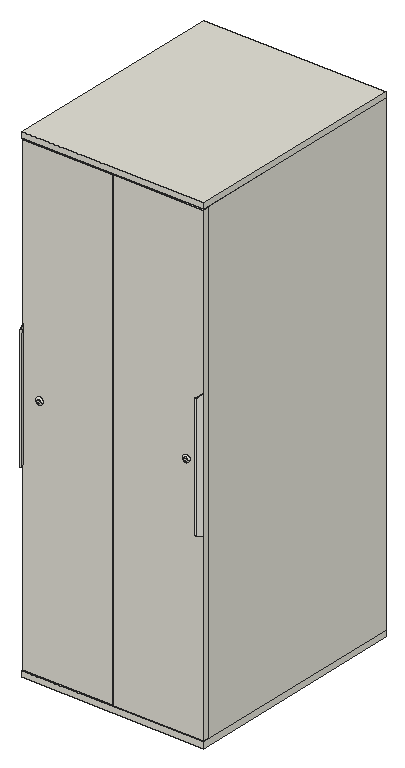
Revit family "Haworth_BeHold_Wardrobe", category Furniture Systems, Revit 2018
Family settings
  Round Connector Dimension = Use Diameter
  Part Type = Normal
  OmniClass Number = 23.40.70.14.64.21
  OmniClass Title = Systems Furniture
  Work Plane-Based = No
  Always vertical = Yes
  Cut with Voids When Loaded = No
  Shared = No
  Room Calculation Point = No
Parameters (values of type "Double Doors - 24w 30d 65h - Inset Back")
  With Lock = yes
  Wing Pull = yes
  Wing Door Pull Length = if(Actual Height < 49", 6 1/2", if(Actual Height < 57", 8 5/16", if(Actual Height < 65", 13 1/8", 16 3/4")))  # 16 3/4"
  Width = 24"
  Warranty = "http://www.haworth.com/resources/product-info/warranties"
  URL - Product = "https://www.haworth.com/na/en/products/active-storage/be-hold.html"
  URL = "www.haworth.com"
  Trim Finish = Haworth _ Paint _ Smooth Plaster
  Top Thickness = 3/4"  # constant formula
  Top Case Back Control = if(Proud Style, 0", 3/16")  # 3/16"
  Three High = no
  Sustainability Info = "https://www.haworth.com/company-info/sustainability"
  Standard Single Door Widths = "12, 15, 18 in."  # constant formula
  Standard Heights = "41, 49, 57, 65 in."  # constant formula
  Standard Double Doors Widths = "24 in."  # constant formula
  Size = "Verify Final Dim. w/ Haworth"  # constant formula
  Six High = not(or(Three High, Four High, Five High))  # yes
  Single Door = no
  Side Case Back Control = if(Proud Style, Case Thickness, 0")  # 0"
  Separate Shelf Offset = 9 1/16"  # constant formula
  Right Panel Finish = Haworth _ Laminate _ Beige H-34
  Right Panel Edge Finish = Haworth _ Laminate _ Beige H-34
  Revision Number = "1"  # constant formula
  Pull Side Offset = if(Wing Pull, 0", Lock Side Offset)  # 0"
  Pull Height Centerline = if(Actual Height < 65", Door Height / 2, (Door Height / 2) + 1 1/4")  # 32 155/256"
  Pull Finish = Haworth _ Paint _ Smooth Plaster
  Proud Style = not(Inset Style)  # no
  No Pull = not(or(Cresent Pull, Linear Pull, Classic Pull, Wing Pull))  # no
  Model = "Haworth Be_Hold"  # constant formula
  Min. Width = if(Single Door, 12", 24")  # 24"
  Min. Height = 41"  # constant formula
  Min. Depth = 16"  # constant formula
  Mid Separator Control = Double Doors  # yes
  Lock Top Offset = if(Wing Pull, Pull Height Centerline, Pull Height Centerline - 5 5/8")  # 32 155/256"
  Lock Side Offset = 2 1/4"  # constant formula
  Left Panel Finish = Haworth _ Laminate _ Beige H-34
  Left Panel Edge Finish = Haworth _ Laminate _ Beige H-34
  Height = 65"
  Four High = no
  Fixed Shelf Control = and(Single Door, Actual Width = 18")  # no
  Fixed Shelf 1 Offset = 15 11/16"  # constant formula
  Five High = no
  Double Doors = not(Single Door)  # yes
  Door Height = Actual Height - Bottom Case Offset - Case Thickness - 21/128" - Top Thickness - 1/8"  # 62 91/128"
  Bottom Drawer Offset = Bottom Case Offset + Case Thickness + 1/8"  # 1 3/8"
  Back Case Back Control = if(Proud Style, 0", 3/16")  # 3/16"
  Actual Height = if(Height > Max. Height, Max. Height, if(Height < Min. Height, Min. Height, Height))  # 65"
  Max. Width = if(Single Door, 18", 24")  # 24"
  Max. Depth = 30"  # constant formula
  Max. Height = 65"  # constant formula
  Manufacturer = "Haworth"  # constant formula
  Linear Pull Length = 8"  # constant formula
  Linear Pull = no
  Inset Style = yes
  Glide Finish = Haworth _ Polymer _ Slate
  Front Finish = Haworth _ Laminate _ Beige H-34
  Front Edge Finish = Haworth _ Laminate _ Beige H-34
  Door Width = if(Single Door, Actual Width - (1/16" * 2), (Actual Width - (1/16" * 2) - 1/8") / 2)  # 11 7/8"
  Description = "Haworth - Be_Hold - Wardrobe"  # constant formula
  Depth = 30"
  Custom Size = not(and(or(Depth = 18", Depth = 24", Depth = 30"), or(Height = 41", Height = 49", Height = 57", Height = 65"), or(and(Double Doors, Width = 24"), and(Single Door, or(Width = 12", Width = 15", Width = 18")))))  # no
  Cresent Pull = no
  Classic Pull Length = 6 3/4"  # constant formula
  Classic Pull = no
  Case Thickness = 3/4"  # constant formula
  Case Finish = Haworth _ Laminate _ Beige H-34
  Case Edge Finish = Haworth _ Laminate _ Beige H-34
  Bottom Case Offset = 1/2"  # constant formula
  Back Case Side Control = if(Proud Style, 0", Case Thickness)  # 3/4"
  Author = "Haworth (Alias)"  # constant formula
  Assembly Code = "E2020200"
  Actual Width = if(Width > Max. Width, Max. Width, if(Width < Min. Width, Min. Width, Width))  # 24"
  Actual Depth = if(Depth > Max. Depth, Max. Depth, if(Depth < Min. Depth, Min. Depth, Depth))  # 30"
  Standard Depths = "16, 18, 24, 30 in."  # constant formula
Types (4): name | Width | URL - Product | Top Case Back Control | Three High | Six High | Single Door | Side Case Back Control | Proud Style | Min. Width | Mid Separator Control | Four High | Fixed Shelf Control | Five High | Double Doors | Back Case Back Control | Max. Width | Inset Style | Door Width | Back Case Side Control | Actual Width
  Double Doors - 24w 30d 65h - Inset Back | 24" | "https://www.haworth.com/na/en/products/active-storage/be-hold.html" | 3/16" | no | yes | no | 0" | no | 24" | yes | no | no | no | yes | 3/16" | 24" | yes | 11 7/8" | 3/4" | 24"
  Single Door - 18w 30d 65h - Proud Back | 18" | "" | 0" | yes | no | yes | 3/4" | yes | 12" | no | yes | yes | yes | no | 0" | 18" | no | 17 7/8" | 0" | 18"
  Single Door - 15w 30d 65h - Proud Back | 15" | "" | 0" | yes | no | yes | 3/4" | yes | 12" | no | yes | no | yes | no | 0" | 18" | no | 14 7/8" | 0" | 15"
  Single Door - 12w 30d 65h - Inset Back | 12" | "" | 3/16" | yes | no | yes | 0" | no | 12" | no | yes | no | yes | no | 3/16" | 18" | yes | 11 7/8" | 3/4" | 12"
Reference planes (in)
  plane 1: z = 0
  plane 2 "Center L/R": x = -6.17556
  plane 3 "Center F/B": y = -14.5
  plane 4 "Top": z = 65
  plane 5 "Back": y = 0.5
  plane 6 "Front": y = -29.5
  plane 7 "Left": x = -18.17556
  plane 8 "Case Inside Left": x = -17.42556
  plane 9 "Case Inside Right": x = 5.07444
  plane 10 "Case Inside Back": y = -0.25
  plane 11 "Case Bottom": z = 0.5
  plane 12 "Case Inside Front": y = -28.75
  plane 13 "Inside Case Bottom": z = 1.25
  plane 14 "Inside Case Top": z = 64.25
  plane 15 "Bottom of Bottom Drawer": z = 1.375
  plane 16 "Right": x = 5.82444
  plane 17 "Separate Shelf Top": z = 10.3125
  plane 18 "Separate Shelf Bottom": z = 9.5625
  plane 19 "End Left Door": x = -18.11306
  plane 20 "End Right Door": x = 5.76194
  plane 21 "Fixed Shelf 1 Bottom": z = 16.1875
  plane 22 "Fixed Shelf 1 Top": z = 16.9375
  plane 23 "Fixed Shelf Left": x = -12.17556
  plane 24 "Fixed Shelf Right": x = -11.42556
Forms (in)
  Sweep 1, solid, material "Haworth _ Polymer _ Slate" <- "Glide Finish"
    path origin (-17.42556, 0, 0) x (0, 1, 0) y (0, 0, 1)
      loop
        line (-28.75, 0.5) -> (-28.75, 0)
    profile origin (-17.42556, -28.75, 0.25) x (1, 0, 0) y (0, 1, 0)
      loop
        line (0, 2.00197) -> (0, 0.25)
        arc (0, 0.25) -> (0.07322, 0.07322) -> (0.25, 0) r 0.25
        line (0.25, 0) -> (2.00197, 0)
        arc (2.00197, 0) -> (2.17875, 0.07322) -> (2.25197, 0.25) r 0.25
        line (2.25197, 0.25) -> (2.25197, 0.70079) -> (0.70079, 2.25197) -> (0.25, 2.25197)
        arc (0.25, 2.25197) -> (0.07322, 2.17875) -> (0, 2.00197) r 0.25
  Sweep 2, solid, material "Haworth _ Polymer _ Slate" <- "Glide Finish"
    path origin (-17.42556, -23, 0) x (0, -1, 0) y (0, 0, 1)
      loop
        line (-22.75, 0.5) -> (-22.75, 0)
    profile origin (-17.42556, -0.25, 0.25) x (1, 0, 0) y (0, 1, 0)
      loop
        arc (0, -2.00197) -> (0.07322, -2.17875) -> (0.25, -2.25197) r 0.25
        line (0.25, -2.25197) -> (0.70079, -2.25197) -> (2.25197, -0.70079) -> (2.25197, -0.25)
        arc (2.25197, -0.25) -> (2.17875, -0.07322) -> (2.00197, 0) r 0.25
        line (2.00197, 0) -> (0.25, 0)
        arc (0.25, 0) -> (0.07322, -0.07322) -> (0, -0.25) r 0.25
        line (0, -0.25) -> (0, -2.00197)
  Sweep 3, solid, material "Haworth _ Polymer _ Slate" <- "Glide Finish"
    path origin (5.07444, 0, 0) x (0, -1, 0) y (0, 0, 1)
      loop
        line (28.75, 0.5) -> (28.75, 0)
    profile origin (5.07444, -28.75, 0.25) x (-1, 0, 0) y (0, -1, 0)
      loop
        arc (0, -2.00197) -> (0.07322, -2.17875) -> (0.25, -2.25197) r 0.25
        line (0.25, -2.25197) -> (0.70079, -2.25197) -> (2.25197, -0.70079) -> (2.25197, -0.25)
        arc (2.25197, -0.25) -> (2.17875, -0.07322) -> (2.00197, 0) r 0.25
        line (2.00197, 0) -> (0.25, 0)
        arc (0.25, 0) -> (0.07322, -0.07322) -> (0, -0.25) r 0.25
        line (0, -0.25) -> (0, -2.00197)
  Sweep 4, solid, material "Haworth _ Polymer _ Slate" <- "Glide Finish"
    path origin (5.07444, 0, 0) x (0, -1, 0) y (0, 0, 1)
      loop
        line (0.25, 0.5) -> (0.25, 0)
    profile origin (5.07444, -0.25, 0.25) x (-1, 0, 0) y (0, -1, 0)
      loop
        line (0, 2.00197) -> (0, 0.25)
        arc (0, 0.25) -> (0.07322, 0.07322) -> (0.25, 0) r 0.25
        line (0.25, 0) -> (2.00197, 0)
        arc (2.00197, 0) -> (2.17875, 0.07322) -> (2.25197, 0.25) r 0.25
        line (2.25197, 0.25) -> (2.25197, 0.70079) -> (0.70079, 2.25197) -> (0.25, 2.25197)
        arc (0.25, 2.25197) -> (0.07322, 2.17875) -> (0, 2.00197) r 0.25
  Extrusion 5, solid, material "Haworth _ Laminate _ Beige H-34" <- "Case Finish"
    sketch origin (0, 0, 0) x (1, 0, 0) y (0, 1, 0)
      loop
        line (-18.17556, 0.5) -> (-18.17556, -29.5) -> (5.82444, -29.5) -> (5.82444, 0.5) -> (-18.17556, 0.5)
    from 0.5 to 1.25
  Sweep 6, solid, material "Haworth _ Laminate _ Beige H-34" <- "Left Panel Finish"
    path origin (0, 0, 0.5) x (0, -1, 0) y (1, 0, 0)
      loop
        line (29.5, -18.17556) -> (29.5, -17.42556)
    profile origin (-17.80056, -29.5, 0.5) x (0, 1, 0) y (0, 0, 1)
      loop
        line (0.75, 63.75) -> (0.75, 0.75) -> (30, 0.75) -> (30, 63.75) -> (0.75, 63.75)
  Sweep 7, solid, material "Haworth _ Laminate _ Beige H-34" <- "Right Panel Finish"
    path origin (-12.35111, 0, 0.5) x (0, -1, 0) y (-1, 0, 0)
      loop
        line (29.5, -18.17556) -> (29.5, -17.42556)
    profile origin (5.44944, -29.5, 0.5) x (0, -1, 0) y (0, 0, 1)
      loop
        line (-0.75, 63.75) -> (-30, 63.75) -> (-30, 0.75) -> (-0.75, 0.75) -> (-0.75, 63.75)
  Sweep 8, solid, material "Haworth _ Laminate _ Beige H-34" <- "Case Finish"
    path origin (0, 0, 0.5) x (0, -1, 0) y (1, 0, 0)
      loop
        line (0.4375, -6.17556) -> (-0.3125, -6.17556)
    profile origin (-6.17556, -0.0625, 0.5) x (-1, 0, 0) y (0, 0, 1)
      loop
        line (-11.25, 0.75) -> (11.25, 0.75) -> (11.25, 63.75) -> (-11.25, 63.75) -> (-11.25, 0.75)
  Extrusion 9, solid, material "Haworth _ Laminate _ Beige H-34" <- "Case Finish"
    sketch origin (0, 0, 0.5) x (0, -1, 0) y (1, 0, 0)
      loop
        line (-0.5, -18.17556) -> (29.5, -18.17556) -> (29.5, 5.82444) -> (-0.5, 5.82444) -> (-0.5, -18.17556)
    from 63.75 to 64.5
  Extrusion 10, solid, material "Haworth _ Laminate _ Beige H-34" <- "Case Finish"
    sketch origin (0, 0, 0) x (1, 0, 0) y (0, 1, 0)
      loop
        line (-17.42556, -0.4375) -> (-17.42556, -28.75) -> (5.07444, -28.75) -> (5.07444, -0.4375) -> (-17.42556, -0.4375)
    from 9.5625 to 10.3125
  Sweep 11, solid, material "Haworth _ Laminate _ Beige H-34" <- "Case Finish", visible <- "Mid Separator Control"
    path origin (0, 0, 1.25) x (-1, 0, 0) y (0, -1, 0)
      loop
        line (6.17556, 28.75) -> (6.17556, 0.4375)
    profile origin (-6.17556, -14.59375, 1.25) x (-1, 0, 0) y (0, 0, 1)
      loop
        line (0.375, 63) -> (-0.375, 63) -> (-0.375, 0) -> (0.375, 0) -> (0.375, 63)
  Extrusion 12, solid, material "Haworth _ Laminate _ Beige H-34" <- "Case Finish", visible <- "Fixed Shelf Control"
    sketch origin (0, 0, 1.25) x (-1, 0, 0) y (0, -1, 0)
      loop
        line (12.17556, 0.4375) -> (12.17556, 28.75) -> (11.42556, 28.75) -> (11.42556, 0.4375) -> (12.17556, 0.4375)
    from 14.9375 to 63
  Extrusion 13, solid, material "Haworth _ Laminate _ Beige H-34" <- "Case Finish", visible <- "Fixed Shelf Control"
    sketch origin (0, 0, 1.25) x (-1, 0, 0) y (0, -1, 0)
      loop
        line (11.42556, 0.4375) -> (11.42556, 28.75) -> (-5.07444, 28.75) -> (-5.07444, 0.4375) -> (11.42556, 0.4375)
    from 14.9375 to 15.6875
Lines and regions (in)
  Masking region 1
    outline origin (0, 0, 64.25) x (0, -1, 0) y (1, 0, 0)
      loop
        line (-0.5, -18.17556) -> (29.5, -18.17556) -> (29.5, 5.82444) -> (-0.5, 5.82444) -> (-0.5, -18.17556)
  symbolic lines, style "FurnitureSystemsHiddenLines", detail levels medium+fine
    curve 1: line (-18.17556, -28.75, 64.25) -> (5.82444, -28.75, 64.25)
  symbolic lines, style "FurnitureSystemsHiddenLines", visible <- "Double Doors", detail levels medium+fine
    curve 2: line (-6.17556, 0.5, 1.25) -> (-6.17556, -29.5, 1.25)
Dimensions and locks (in)
  equal spacing: plane 5 "Back", plane 3 "Center F/B", plane 6 "Front"
  "Actual Depth": plane 5 "Back" to plane 6 "Front"
  "Case Thickness": plane 8 "Case Inside Left" to plane 7 "Left"
  "Bottom Case Offset": plane 11 "Case Bottom" to plane 1
  "Case Thickness": plane 10 "Case Inside Back" to plane 5 "Back"
  "Case Thickness": plane 6 "Front" to plane 12 "Case Inside Front"
  locked: Sweep 1 sketch curve to plane 11 "Case Bottom" at 0.5
  locked: Sweep 2 sketch curve to plane 11 "Case Bottom" at 0.5
  locked: Sweep 4 sketch curve to plane 11 "Case Bottom" at 0.5
  locked: Sweep 3 sketch curve to plane 11 "Case Bottom" at 0.5
  "Case Thickness": plane 13 "Inside Case Bottom" to plane 11 "Case Bottom"
  "Top Thickness": plane 4 "Top" to plane 14 "Inside Case Top"
  "Side Case Back Control": Sweep 6 sketch curve to plane 5 "Back"
  "Side Case Back Control": Sweep 7 sketch curve to plane 5 "Back"
  "Back Case Side Control": Sweep 8 sketch curve to plane 7 "Left"
  locked: plane 15 "Bottom of Bottom Drawer" to plane 13 "Inside Case Bottom" at 0.125
  "Case Thickness": Sweep 8 sketch curve to Sweep 8 sketch curve
  "Back Case Back Control": plane 5 "Back" to Sweep 8 sketch curve
  equal spacing: plane 7 "Left", plane 2 "Center L/R", plane 16 "Right"
  "Actual Width": plane 7 "Left" to plane 16 "Right"
  "Case Thickness": plane 9 "Case Inside Right" to plane 16 "Right"
  "Actual Height": plane 4 "Top" to plane 1
  "Back Case Side Control": Sweep 8 sketch curve to plane 16 "Right"
  "Case Thickness": plane 18 "Separate Shelf Bottom" to plane 17 "Separate Shelf Top"
  "Separate Shelf Offset": plane 17 "Separate Shelf Top" to plane 13 "Inside Case Bottom"
  "Top Case Back Control": Extrusion 10 sketch curve to plane 10 "Case Inside Back"
  locked: plane 19 "End Left Door" to plane 7 "Left" at 0.0625
  locked: plane 20 "End Right Door" to plane 16 "Right" at 0.0625
  "Back Case Back Control": Sweep 11 sketch curve to plane 10 "Case Inside Back"
  locked: plane 2 "Center L/R" to Sweep 11 sketch curve at 0.375
  locked: Sweep 11 sketch curve to plane 2 "Center L/R" at 0.375
  "Case Thickness": plane 22 "Fixed Shelf 1 Top" to plane 21 "Fixed Shelf 1 Bottom"
  "Fixed Shelf 1 Offset": plane 22 "Fixed Shelf 1 Top" to plane 13 "Inside Case Bottom"
  "Case Thickness": plane 24 "Fixed Shelf Right" to plane 23 "Fixed Shelf Left"
  locked: plane 23 "Fixed Shelf Left" to plane 8 "Case Inside Left" at 5.25
  "Back Case Back Control": Extrusion 12 sketch curve to plane 10 "Case Inside Back"
  "Back Case Back Control": Extrusion 13 sketch curve to plane 10 "Case Inside Back"
  aligned and locked: Sweep 1 sketch curve to plane 12 "Case Inside Front"
  aligned and locked: plane 11 "Case Bottom" to Sweep 1 sketch curve
  aligned and locked: plane 10 "Case Inside Back" to Sweep 2 sketch curve
  aligned and locked: plane 11 "Case Bottom" to Sweep 2 sketch curve
  aligned and locked: plane 10 "Case Inside Back" to Sweep 4 sketch curve
  aligned and locked: plane 11 "Case Bottom" to Sweep 4 sketch curve
  aligned and locked: Sweep 3 sketch curve to plane 12 "Case Inside Front"
  aligned and locked: plane 11 "Case Bottom" to Sweep 3 sketch curve
  aligned and locked: Extrusion 5 sketch curve to plane 5 "Back"
  aligned and locked: plane 7 "Left" to Extrusion 5 sketch curve
  aligned and locked: plane 6 "Front" to Extrusion 5 sketch curve
  aligned and locked: plane 11 "Case Bottom" to Extrusion 5
  aligned and locked: plane 13 "Inside Case Bottom" to Extrusion 5
  aligned and locked: plane 7 "Left" to Sweep 6 sketch curve
  aligned and locked: plane 8 "Case Inside Left" to Sweep 6 sketch curve
  aligned and locked: Sweep 6 sketch curve to plane 6 "Front"
  aligned and locked: plane 13 "Inside Case Bottom" to Sweep 6 sketch curve
  aligned and locked: plane 6 "Front" to Sweep 7 sketch curve
  aligned and locked: plane 9 "Case Inside Right" to Sweep 7 sketch curve
  aligned and locked: plane 13 "Inside Case Bottom" to Sweep 7 sketch curve
  aligned and locked: plane 2 "Center L/R" to Sweep 8 sketch curve
  aligned and locked: Sweep 8 sketch curve to plane 13 "Inside Case Bottom"
  aligned and locked: plane 4 "Top" to Extrusion 9
  aligned and locked: plane 14 "Inside Case Top" to Extrusion 9
  aligned and locked: Masking region 1 sketch curve to plane 5 "Back"
  aligned and locked: plane 7 "Left" to Masking region 1 sketch curve
  aligned and locked: plane 6 "Front" to Masking region 1 sketch curve
  aligned and locked: curve 1 to plane 12 "Case Inside Front"
  aligned and locked: plane 12 "Case Inside Front" to Sweep 7 sketch curve
  aligned and locked: plane 12 "Case Inside Front" to Sweep 6 sketch curve
  aligned and locked: plane 16 "Right" to Sweep 7 sketch curve
  aligned and locked: plane 14 "Inside Case Top" to Sweep 7 sketch curve
  aligned and locked: plane 14 "Inside Case Top" to Sweep 6 sketch curve
  aligned and locked: plane 6 "Front" to Extrusion 9 sketch curve
  aligned and locked: plane 16 "Right" to Extrusion 9 sketch curve
  aligned and locked: plane 7 "Left" to Extrusion 9 sketch curve
  aligned and locked: Extrusion 9 sketch curve to plane 5 "Back"
  aligned and locked: plane 14 "Inside Case Top" to Sweep 8 sketch curve
  aligned and locked: plane 9 "Case Inside Right" to Extrusion 10 sketch curve
  aligned and locked: plane 12 "Case Inside Front" to Extrusion 10 sketch curve
  aligned and locked: plane 8 "Case Inside Left" to Extrusion 10 sketch curve
  aligned and locked: plane 18 "Separate Shelf Bottom" to Extrusion 10
  aligned and locked: plane 17 "Separate Shelf Top" to Extrusion 10
  aligned and locked: plane 16 "Right" to Extrusion 5 sketch curve
  aligned and locked: plane 16 "Right" to Masking region 1 sketch curve
  aligned and locked: nested 1 to plane 15 "Bottom of Bottom Drawer"
  aligned and locked: plane 15 "Bottom of Bottom Drawer" to nested 2
  aligned and locked: plane 15 "Bottom of Bottom Drawer" to nested 1
  aligned and locked: nested 2 to plane 19 "End Left Door"
  aligned and locked: nested 1 to plane 20 "End Right Door"
  aligned and locked: nested 1 to plane 6 "Front"
  aligned and locked: plane 6 "Front" to nested 2
  aligned and locked: plane 2 "Center L/R" to Sweep 11 sketch curve
  aligned and locked: plane 12 "Case Inside Front" to Sweep 11 sketch curve
  aligned and locked: plane 13 "Inside Case Bottom" to Sweep 11 sketch curve
  aligned and locked: plane 14 "Inside Case Top" to Sweep 11 sketch curve
  aligned and locked: Extrusion 12 sketch curve to plane 24 "Fixed Shelf Right"
  aligned and locked: plane 23 "Fixed Shelf Left" to Extrusion 12 sketch curve
  aligned and locked: plane 12 "Case Inside Front" to Extrusion 12 sketch curve
  aligned and locked: Extrusion 12 to plane 14 "Inside Case Top"
  aligned and locked: Extrusion 12 to plane 21 "Fixed Shelf 1 Bottom"
  aligned and locked: plane 9 "Case Inside Right" to Extrusion 13 sketch curve
  aligned and locked: plane 24 "Fixed Shelf Right" to Extrusion 13 sketch curve
  aligned and locked: plane 12 "Case Inside Front" to Extrusion 13 sketch curve
  aligned and locked: Extrusion 13 to plane 21 "Fixed Shelf 1 Bottom"
  aligned and locked: plane 22 "Fixed Shelf 1 Top" to Extrusion 13
  aligned and locked: curve 2 to plane 2 "Center L/R"
Automatic sketch dimensions
  Sweep 1 sketch curve to plane 8 "Case Inside Left" = 0"
  profile plane to Sweep 1 sketch curve = 0"
  Sweep 1 sketch curve to Sweep 1 sketch curve = 1/4"  (x2)
  Sweep 1 sketch curve to Sweep 1 sketch curve = 0.45079"  (x2)
  Sweep 1 sketch curve to profile plane = 1/4"
  Sweep 1 sketch curve to Sweep 1 sketch curve = 1.75197"  (x2)
  Sweep 2 sketch curve to plane 8 "Case Inside Left" = 0"
  profile plane to Sweep 2 sketch curve = 0"
  Sweep 2 sketch curve to Sweep 2 sketch curve = 1/4"  (x2)
  Sweep 2 sketch curve to Sweep 2 sketch curve = 0.45079"  (x2)
  profile plane to Sweep 2 sketch curve = 1/4"
  Sweep 2 sketch curve to Sweep 2 sketch curve = 1.75197"  (x2)
  Sweep 3 sketch curve to plane 9 "Case Inside Right" = 0"
  Sweep 3 sketch curve to profile plane = 0"
  Sweep 3 sketch curve to Sweep 3 sketch curve = 1/4"  (x2)
  Sweep 3 sketch curve to Sweep 3 sketch curve = 0.45079"  (x2)
  profile plane to Sweep 3 sketch curve = 1/4"
  Sweep 3 sketch curve to Sweep 3 sketch curve = 1.75197"  (x2)
  Sweep 4 sketch curve to plane 9 "Case Inside Right" = 0"
  Sweep 4 sketch curve to profile plane = 0"
  plane 9 "Case Inside Right" to Sweep 4 sketch curve = 1/4"  (x2)
  Sweep 4 sketch curve to Sweep 4 sketch curve = 0.45079"  (x2)
  Sweep 4 sketch curve to profile plane = 1/4"
  Sweep 4 sketch curve to Sweep 4 sketch curve = 1.75197"  (x2)
  curve 1 to plane 7 "Left" = 0"
  curve 1 to plane 16 "Right" = 0"
  curve 2 to plane 5 "Back" = 0"
  curve 2 to plane 6 "Front" = 0"
Nested families (in)
  nested 1: "Haworth_BeHold_Door_Hinged_PART" at (1.00465, -29.09476, 1.375) x (-1, 0, 0) z (0, 0, 1), With Lock <- "With Lock", visible <- "Double Doors", type "Door"
    with With Lock yes, Wing Pull Length 16 3/4", Lock Top Offset 32 155/256", Lock Side Offset 2 1/4", Linear Pull Length 8", Classic Pull Length 6 3/4", Pull Height Centerline 32 155/256", Door Width 11 7/8", Door Height 62 91/128"
  nested 2: "Haworth_BeHold_Door_Hinged_PART" at (-13.35576, -29.09476, 1.375), With Lock <- "With Lock", type "Door"
    with With Lock yes, Wing Pull Length 16 3/4", Lock Top Offset 32 155/256", Lock Side Offset 2 1/4", Linear Pull Length 8", Classic Pull Length 6 3/4", Pull Height Centerline 32 155/256", Door Width 11 7/8", Door Height 62 91/128"
Definition of nested family "Haworth_BeHold_Door_Hinged_PART"
  Parameters (values of type "Door")
    With Lock [instance] = yes
    Wing Pull Length = 8.31"
    Wing Pull Act = and(Wing Pull, not(Touch Latch))  # yes
    Wing Pull = yes
    Warranty = "https://www.haworth.com/resources/product-info/warranties"
    URL - Product = ""
    URL = "www.haworth.com"
    Trim Finish = none
    Touch Latch = no
    Revision Number = "1"  # constant formula
    Pull Finish = none
    Note = "Verify Final Dim. w/ Haworth"  # constant formula
    Model = "Haworth Be_Hold"  # constant formula
    Lock Top Offset = 1.445"
    Lock Side Offset = 1 1/2"
    Linear Pull Length = 7.13"
    Linear Pull Act = and(Linear Pull, not(Touch Latch))  # no
    Linear Pull = no
    Front Finish = none
    Front Edge Finish = none
    Description = "Haworth - Be_Hold - Door Part"
    Crescent Pull Act = and(Crescent Pull, not(Touch Latch))  # no
    Crescent Pull = no
    Classic Pull Length = 8"
    Classic Pull = no
    Classic Pull Act = and(Classic Pull, not(Touch Latch))  # no
    Assembly Code = ""
    Pull Offset Centerline = 0"
    Pull Height Centerline = 8.892"
    Door Width = 17.85"
    Door Height = 19.76"
    Door Depth = 3/4"
    Manufacturer = "Haworth"  # constant formula
    Author = "Haworth (Alias)"  # constant formula
  Reference planes (in)
    plane 1 "Center F/B": y = -0.03024
    plane 2: z = 0
    plane 3 "Center L/R": x = 1.1802
    plane 4 "Left": x = -7.7448
    plane 5 "Right": x = 10.1052
    plane 6 "Back": y = 0.34476
    plane 7 "Front": y = -0.40524
    plane 8 "Top": z = 19.76
    plane 9 "Pull Offset": x = -7.7448
    plane 10 "Pull Height": z = 8.892
    plane 11 "Lock Vertical": x = -6.2448
    plane 12 "Lock Horizontal": z = 1.445
    plane 13 "Swing Symbol": y = -3.40524
  Forms (in)
    Extrusion 1, solid, material <- "Front Finish"
      sketch origin (0, -0.03024, 0) x (1, 0, 0) y (0, 0, 1)
        loop
          line (-7.7448, 19.76) -> (-7.7448, 0) -> (10.1052, 0) -> (10.1052, 19.76) -> (-7.7448, 19.76)
      from -0.375 to 0.375
    Revolve 2, solid, material <- "Trim Finish", visible <- "With Lock"
      sketch origin (0, 0, 1.445) x (0, -1, 0) y (1, 0, 0)
        loop
          line (0.40524, -6.2448) -> (0.53025, -6.2448) -> (0.53025, -5.93233)
          arc (0.53025, -5.93233) -> (0.49364, -5.84391) -> (0.40524, -5.80727) r 0.12506
          line (0.40524, -5.80727) -> (0.40524, -6.2448)
        axis (0.40524, -6.2448) -> (0.53025, -6.2448)
      angle from 0 to 360
  Lines and regions (in)
    Masking region 1
      outline origin (0, 0, 0) x (1, 0, 0) y (0, 1, 0)
        loop
          line (-7.7448, 0.34476) -> (-7.7448, -0.40524) -> (10.1052, -0.40524) -> (10.1052, 0.34476) -> (-7.7448, 0.34476)
    symbolic lines, detail levels fine
      curve 1: line (-7.7448, -0.40524, 19.76) -> (10.1052, -0.40524, 9.88)
      curve 2: line (10.1052, -0.40524, 9.88) -> (-7.7448, -0.40524, 0)
    symbolic lines, not visible, detail levels fine
      curve 3: arc (-7.7448, -0.40524, 1.445) -> (-7.68121, -1.9106, 1.445) -> (-7.49089, -3.40524, 1.445) r 17.85
    symbolic lines, detail levels medium+fine
      curve 4: line (10.1052, -0.40524, 1.445) -> (-7.49089, -3.40524, 1.445)
  Dimensions and locks (in)
    "Door Height": plane 8 "Top" to level
    equal spacing: plane 6 "Back", plane 1 "Center F/B", plane 7 "Front"
    "Door Depth": plane 6 "Back" to plane 7 "Front"
    equal spacing: plane 4 "Left", plane 3 "Center L/R", plane 5 "Right"
    "Door Width": plane 4 "Left" to plane 5 "Right"
    "Pull Offset Centerline": plane 9 "Pull Offset" to plane 4 "Left"
    "Pull Height Centerline": plane 10 "Pull Height" to level
    equal spacing: plane 8 "Top", curve 2, plane 2
    "Lock Side Offset": plane 4 "Left" to plane 11 "Lock Vertical"
    locked: Revolve 2 sketch curve to plane 7 "Front" at 0.12502
    locked: plane 11 "Lock Vertical" to Revolve 2 sketch curve at 0.43753
    "Lock Top Offset": plane 12 "Lock Horizontal" to plane 2
    locked: plane 13 "Swing Symbol" to plane 7 "Front" at 3
    "Door Width": radius of curve 3
    aligned and locked: plane 4 "Left" to Extrusion 1 sketch curve
    aligned and locked: Extrusion 1 sketch curve to plane 5 "Right"
    aligned and locked: Extrusion 1 sketch curve to plane 8 "Top"
    aligned and locked: level to Extrusion 1 sketch curve
    aligned and locked: plane 6 "Back" to Extrusion 1
    aligned and locked: Extrusion 1 to plane 7 "Front"
    aligned and locked: Extrusion 1 to plane 4 "Left"
    aligned and locked: plane 9 "Pull Offset" to nested 1
    aligned and locked: plane 10 "Pull Height" to nested 1
    aligned and locked: nested 1 to plane 7 "Front"
    aligned and locked: plane 11 "Lock Vertical" to Revolve 2 sketch curve  (x2)
    aligned and locked: plane 7 "Front" to Revolve 2 sketch curve
    aligned and locked: plane 5 "Right" to curve 3
    aligned and locked: plane 7 "Front" to curve 3
    aligned and locked: plane 5 "Right" to curve 4
    aligned and locked: plane 13 "Swing Symbol" to curve 4
  Automatic sketch dimensions
    Masking region 1 sketch curve to plane 5 "Right" = 0"
    curve 1 to plane 5 "Right" = 0"
    curve 1 to plane 4 "Left" = 0"
    curve 2 to level = 0"
    curve 2 to plane 4 "Left" = 0"
    curve 1 to plane 8 "Top" = 0"
    Masking region 1 sketch curve to plane 4 "Left" = 0"
    Masking region 1 sketch curve to plane 7 "Front" = 0"
    Masking region 1 sketch curve to plane 6 "Back" = 0"
    plane 7 "Front" to Revolve 2 sketch curve = 0.00004"
    plane 6 "Back" to Revolve 2 sketch curve = 3/4"
    Revolve 2 sketch curve to Revolve 2 sketch curve = 1 5/8"
    curve 4 to plane 7 "Front" = 0"
  Nested families (in)
    nested 1: "Haworth_DoorHinged-Pulls_PART" at (-6.46165, -0.375, 8.892), type "Pull"
      with Wing yes, Classic no
  Definition of nested family "Haworth_DoorHinged-Pulls_PART"
    Parameters (values of type "Pull")
      Working Distance = 0"  # constant formula
      Wing Pull Length = 8.31"
      Wing = no
      Warranty = "https://www.haworth.com/resources/product-info/warranties"
      URL - Product = ""
      URL = "www.haworth.com"
      Trim Finish = none
      Revision Number = "1"  # constant formula
      Model = "Haworth Be_Hold"  # constant formula
      Manufacturer = "Haworth"  # constant formula
      Linear Pull Length = 7.13"
      Linear = no
      Description = "Haworth - Be_Hold - Door Pulls"
      Cresent = no
      Classic Pull Length = 8"
      Classic = yes
      Author = "Haworth (Alias)"  # constant formula
      Assembly Code = ""
    Reference planes (in)
      plane 1 "Center F/B": y = -0.03024
      plane 2 "Center": z = 0
      plane 3 "Center L/R": x = -1.28314
      plane 4 "Right": x = -0.78314
      plane 5 "Left": x = -1.78314
      plane 6 "cresent": x = -1.28314
      plane 7 "classic": x = -1.28314
      plane 8 "linear": x = -1.28314
      plane 9 "Top linear": z = 3.565
      plane 10 "Bottom linear": z = -3.565
      plane 11 "Top classic": z = 4
      plane 12 "Bottom classic": z = -4
      plane 13 "Top wing": z = 4.155
      plane 14 "Bottom wing": z = -4.155
      plane 15 "wing": x = -1.28314
    Forms (in)
      Extrusion 1, solid, material <- "Trim Finish", visible <- "Linear"
        sketch origin (-1.28314, 0, 0) x (0, 0, 1) y (0, -1, 0)
          loop
            line (3.565, 0.03024) -> (3.565, 1.28024) -> (-3.565, 1.28024) -> (-3.565, 0.03024) -> (-2.565, 0.03024) -> (-2.565, 1.03023) -> (2.565, 1.03023) -> (2.565, 0.03024) -> (3.565, 0.03024)
        from 0.125 to -0.125
      Extrusion 2, solid, material <- "Trim Finish", visible <- "Classic"
        sketch origin (-6.90814, -0.03024, 11.41861) x (0, 0, -1) y (1, 0, 0)
          loop
            line (7.41861, 6) -> (7.41861, 5.25)
            arc (7.41861, 5.25) -> (7.79361, 5.625) -> (7.41861, 6) r 0.375
        from 0 to 1
      Extrusion 3, solid, material <- "Trim Finish", visible <- "Classic"
        sketch origin (-6.90814, -0.03024, -4.625) x (0, 0, 1) y (-1, 0, 0)
          loop
            arc (0.625, -6) -> (1, -5.625) -> (0.625, -5.25) r 0.375
            line (0.625, -5.25) -> (0.625, -6)
        from 0 to 1
      Extrusion 4, solid, material <- "Trim Finish", visible <- "Classic"
        sketch origin (-6.90814, -0.03024, 11.41861) x (0, 0, -1) y (1, 0, 0)
          loop
            line (7.41861, 6) -> (7.41861, 5.25) -> (15.41861, 5.25) -> (15.41861, 6) -> (7.41861, 6)
        from 1 to 1.25
      Sweep 5, solid, material <- "Trim Finish", visible <- "Cresent"
        path origin (-1.28314, 0, 0) x (0, 1, 0) y (0, 0, 1)
          loop
            arc (-0.03024, 3.71234) -> (-1.24998, 0.00302) -> (-0.03024, -3.7063) r 6.25
        profile origin (-1.28314, -1.24998, 0.00302) x (1, 0, 0) y (0, 1, 0)
          loop
            circle (0, 0.125) r 0.125
      Extrusion 6, void
        sketch origin (-1.28314, 0, 0) x (0, 0, 1) y (0, -1, 0)
          loop
            line (3.79042, 0.03024) -> (-3.84035, 0.03024) -> (-3.84035, -0.32073) -> (3.79042, -0.32073) -> (3.79042, 0.03024)
        from 0.25 to -0.25
      Sweep 7, solid, material <- "Trim Finish", visible <- "Wing"
        path origin (0, -0.03024, 0) x (1, 0, 0) y (0, 0, 1)
          loop
            line (-1.28314, 4.155) -> (-1.28314, -4.155)
        profile origin (-1.28314, -0.03024, 0) x (0, -1, 0) y (1, 0, 0)
          loop
            line (0, 0) -> (0.79582, 0.27233)
            arc (0.79582, 0.27233) -> (0.85479, 0.40775) -> (0.71462, 0.45433) r 0.10005
            line (0.71462, 0.45433) -> (0, 0.055) -> (0, 0)
      Extrusion 8, void
        sketch origin (-1.28314, 0, 0) x (0, 0, -1) y (0, -1, 0)
          loop
            line (-4.155, 0.03024) -> (-3.77556, 1.07274) -> (-4.155, 1.07274) -> (-4.155, 0.03024)
          loop
            line (4.155, 0.03024) -> (4.155, 1.07274) -> (3.77556, 1.07274) -> (4.155, 0.03024)
        from -0.5 to 0.5
    Cuts and joins
      Extrusion 6 cuts Extrusion 2
      Extrusion 6 cuts Extrusion 3
      Extrusion 6 cuts Extrusion 4
      joined: Extrusion 2, Extrusion 3, Extrusion 4
      Extrusion 6 cuts Extrusion 1
      Extrusion 6 cuts Sweep 5
      Extrusion 8 cuts Sweep 7
    Lines and regions (in)
      symbolic lines, detail levels fine
        curve 1: line (-1.40814, -0.03024, 0) -> (-1.15848, -0.03024, 0)
    Dimensions and locks (in)
      equal spacing: plane 4 "Right", plane 3 "Center L/R", plane 5 "Left"
      locked: plane 4 "Right" to plane 5 "Left" at 1
      cut or joined group of Extrusion 2, Extrusion 3, Extrusion 4, Extrusion 6 to plane 7 "classic" to cut or joined group of Extrusion 2, Extrusion 3, Extrusion 4, Extrusion 6 = 3/8" locked, 3/8" locked
      locked: Extrusion 6 sketch curve to plane 9 "Top linear" at 0.22542
      locked: plane 10 "Bottom linear" to Extrusion 6 sketch curve at 0.27535
      "Working Distance": plane 3 "Center L/R" to plane 7 "classic"
      "Working Distance": plane 3 "Center L/R" to plane 6 "cresent"
      "Working Distance": plane 3 "Center L/R" to plane 8 "linear"
      locked: plane 9 "Top linear" to Extrusion 1 sketch curve at 1
      locked: plane 10 "Bottom linear" to Extrusion 1 sketch curve at 1
      equal spacing: plane 9 "Top linear", plane 2 "Center", plane 10 "Bottom linear"
      "Linear Pull Length": plane 9 "Top linear" to plane 10 "Bottom linear"
      equal spacing: plane 11 "Top classic", plane 2 "Center", plane 12 "Bottom classic"
      "Classic Pull Length": plane 11 "Top classic" to plane 12 "Bottom classic"
      equal spacing: plane 14 "Bottom wing", plane 2 "Center", plane 13 "Top wing"
      "Wing Pull Length": plane 13 "Top wing" to plane 14 "Bottom wing"
      "Working Distance": plane 3 "Center L/R" to plane 15 "wing"
      locked: Extrusion 8 sketch curve to plane 1 "Center F/B" at 1.0425  (x2)
      locked: plane 13 "Top wing" to Extrusion 8 sketch curve at 0.37944
      locked: plane 14 "Bottom wing" to Extrusion 8 sketch curve at 0.37944
      locked: Extrusion 8 to plane 15 "wing" at 0.5
      locked: plane 15 "wing" to Extrusion 8 at 0.5
      aligned: Extrusion 1 to plane 1 "Center F/B"  (x2)
      aligned and locked: level to plane 2 "Center"
      aligned and locked: plane 6 "cresent" to Sweep 5 sketch curve
      aligned and locked: Extrusion 1 sketch curve to plane 9 "Top linear"
      aligned and locked: plane 10 "Bottom linear" to Extrusion 1 sketch curve
      aligned and locked: plane 1 "Center F/B" to curve 1
      aligned and locked: Extrusion 4 sketch curve to plane 11 "Top classic"
      aligned and locked: plane 12 "Bottom classic" to Extrusion 4 sketch curve
      aligned and locked: plane 11 "Top classic" to Extrusion 2 sketch curve  (x2)
      aligned and locked: plane 7 "classic" to Extrusion 2 sketch curve
      aligned and locked: plane 7 "classic" to Extrusion 3 sketch curve
      aligned and locked: plane 12 "Bottom classic" to Extrusion 3 sketch curve  (x2)
      aligned and locked: plane 15 "wing" to Sweep 7 sketch curve
      aligned and locked: plane 14 "Bottom wing" to Sweep 7 sketch curve
      aligned and locked: plane 13 "Top wing" to Sweep 7 sketch curve
      aligned and locked: plane 13 "Top wing" to Extrusion 8 sketch curve
      aligned and locked: Extrusion 8 sketch curve to plane 14 "Bottom wing"
    Automatic sketch dimensions
      Sweep 5 sketch curve to plane 1 "Center F/B" = 0"  (x2)
      level to Sweep 5 sketch curve = 0.00302"
      Sweep 5 sketch curve to plane 1 "Center F/B" = 5.03025"
      Sweep 5 sketch curve to profile plane = 1/8"
      Sweep 5 sketch curve to level = 3.7063"
      Extrusion 6 sketch curve to plane 1 "Center F/B" = 0"
      Extrusion 6 sketch curve to plane 1 "Center F/B" = 0.35096"
      Extrusion 1 sketch curve to plane 1 "Center F/B" = 0"  (x2)
      plane 1 "Center F/B" to Extrusion 1 sketch curve = 1"
      Extrusion 1 sketch curve to Extrusion 1 sketch curve = 1/4"
      plane 5 "Left" to Extrusion 4 sketch curve = 1/8"
      Extrusion 4 sketch curve to plane 4 "Right" = 1/8"
      plane 5 "Left" to Extrusion 2 sketch curve = 1/8"
      Extrusion 3 sketch curve to plane 4 "Right" = 1/8"
      plane 1 "Center F/B" to Sweep 7 sketch curve = 0.71462"
      Sweep 7 sketch curve to Sweep 7 sketch curve = 0.0488"
      Sweep 7 sketch curve to profile plane = 0.27233"
      Sweep 7 sketch curve to Sweep 7 sketch curve = 0.03239"
      Sweep 7 sketch curve to Sweep 7 sketch curve = 0.09466"
      plane 1 "Center F/B" to Sweep 7 sketch curve = 0"
      Sweep 7 sketch curve to profile plane = 0"
      Sweep 7 sketch curve to Sweep 7 sketch curve = 0.055"
      Extrusion 8 sketch curve to plane 1 "Center F/B" = 0"  (x2)
      plane 3 "Center L/R" to curve 1 = 0.12466"
      curve 1 to plane 3 "Center L/R" = 1/8"
      radius of Sweep 5 sketch curve = 1/8"
